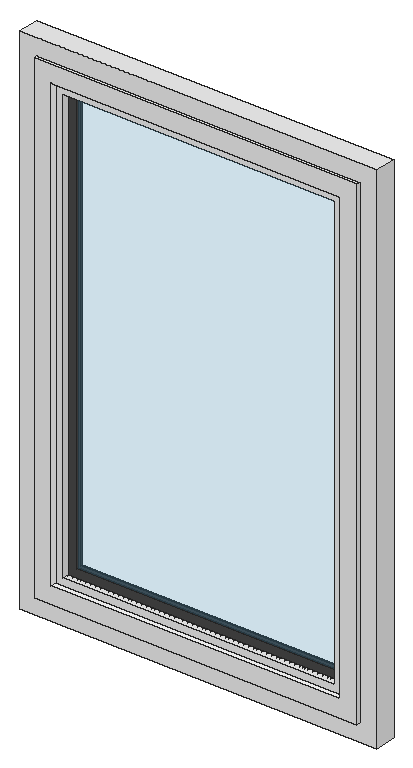
Revit family "94850", category Windows, host Wall, Revit 2018
Family settings
  Host = Wall
  OmniClass Number = 23.30.20.00
  OmniClass Title = Windows
  Always vertical = Yes
  Cut with Voids When Loaded = No
  Shared = No
  Room Calculation Point = No
Parameters (values of type "Tilt Turn Open")
  Width = 36"
  Warranty URL = "http://www.nanawall.com/support/warranty"
  URL = "http://www.nanawall.com"
  Subcategory = "Window"  # constant formula
  Sash = Metal - NanaWall - Aluminum
  Rough Width = Width - 1 25/64"  # 34 39/64"
  Rough Height = Height - 1 25/64"  # 52 39/64"
  Product Page URL = "http://www.nanawall.com/products/sl60/matching-windows"
  Product Documentation Link = "http://www.nanawall.com/cad/configuration/details?id=22&name=SL68&typ=match&cid=455&key=Tilt%20Turn%20Window"
  NanaWall Configurator = "http://www.nanawall.com/content/select-wizard"
  Model = "SL-68 Tilt Turn Window"  # constant formula
  Material = ""
  Manufacturer Toll Free Phone = "(888) 411-NANA(6262)"  # constant formula
  Manufacturer Phone = "(415) 383-3148"  # constant formula
  Manufacturer Fax = "(415) 383-0312"  # constant formula
  Manufacturer Email = "mailto:info@nanawall.com"
  Manufacturer Address = "100 Meadowcreek Drive #250, Corte Madera, CA 94925"  # constant formula
  Manufacturer = "NanaWall Systems, Inc."  # constant formula
  Installation and Service URL = "http://www.nanawall.com/support/installer"
  Height = 54"
  Glazing Options = "http://www.nanawall.com/products/sl48/glazing"
  Glass Material = Glass - NanaWall - Generic
  Filler = Rubber - NanaWall - Black
  Exterior Wall Offset = 3"
  Disclaimer = "Please note that the Revit model is for schematic purposes only.  To obtain a detailed 3D model, please go to the NanaWall's configurator at www.nanawall.com."  # constant formula
  Description = "Monumental Aluminum Framed Matching Windows and Doors"  # constant formula
  Wall Closure = By host
  Default Sill Height = 30"
  Assembly Code = "C1010.2010"
  95 CSI = "8411"  # constant formula
  04 CSI = "08 52 00"  # constant formula
Reference planes (in)
  plane 1 "Center (Front/Back)": y = 0
  plane 2: z = 0
  plane 3 "Center (Left/Right)": x = 0
  plane 4 "Left": x = -18
  plane 5 "Right": x = 18
  plane 6 "Sill": z = 30
  plane 7 "Top": z = 84
  plane 8: y = 1.125
  plane 9: y = 2
  plane 10: x = -15.63346
  plane 11: x = 15.63346
  plane 12: x = -19.88136
  plane 13: x = 19.88136
  plane 14: z = 85.88136
  plane 15: z = 28.11864
Forms (in)
  Sweep 1, solid, material "Metal - NanaWall - Aluminum" <- "Sash"
    path origin (18, 2, 48) x (1, 0, 0) y (0, 0, 1)
      loop
        line (-36, 36) -> (-36, -18) -> (0, -18) -> (0, 36) -> (-36, 36)
    profile "Frame : Frame" origin (0, 2, 84) x (0, 0, 1) y (0, -1, 0)
      loop
        line (1.88136, -1.15625) -> (1.88136, 1.15625) -> (0, 1.15625) -> (0, 1.5482) -> (-1.88136, 1.5482) -> (-2.09315, 1.15625) -> (-2.82203, 1.15625) -> (-2.82203, 0.37235) -> (-2.48128, 0.37235) -> (-2.48128, 0.52913) -> (-2.7554, 0.52913) -> (-2.7554, 1.07786) -> (-2.10333, 1.07786) -> (-2.01933, 0.61781) -> (-2.11654, 0.59176) -> (-2.11654, -0.96028) -> (-2.82203, -0.96028) -> (-2.82203, -1.15625) -> (-1.27383, -1.15625) -> (-1.27383, -0.8035) -> (-1.05826, -0.8035) -> (-1.05826, 0.29396) -> (-0.68591, 0.29396) -> (-0.68591, 1.39142) -> (-0.23517, 1.39142) -> (-0.23517, -0.96028) -> (-0.94068, -0.96028) -> (-0.94068, -1.15625) -> (1.88136, -1.15625)
  Extrusion 2, void
    sketch origin (0, 0, 0) x (1, 0, 0) y (0, 0, 1)
      loop
        line (-19.88136, 85.88136) -> (-19.88136, 28.11864) -> (19.88136, 28.11864) -> (19.88136, 85.88136) -> (-19.88136, 85.88136)
    from -5 to 5
  Sweep 3, solid, material "Rubber - NanaWall - Black" <- "Filler"
    path origin (18, 2, 48) x (1, 0, 0) y (0, 0, 1)
      loop
        line (-36, 36) -> (-36, -18) -> (0, -18) -> (0, 36) -> (-36, 36)
    profile origin (0, 2, 84) x (0, 0, 1) y (0, -1, 0)
      loop
        line (-2.11654, -0.75347) -> (-2.11654, 0.05903) -> (-3.49154, 0.05903) -> (-3.49154, -0.09722) -> (-2.36654, -0.09722) -> (-2.36654, -0.59722) -> (-3.49154, -0.59722) -> (-3.49154, -0.75347) -> (-2.11654, -0.75347)
  Extrusion 4, solid, material "Glass - NanaWall - Generic" <- "Glass Material"
    sketch origin (-18, 0, 0) x (0, -1, 0) y (0, 0, 1)
      loop
        line (-2.59722, 81.63346) -> (-2.59722, 32.36654) -> (-2.09722, 32.36654) -> (-2.09722, 81.63346) -> (-2.59722, 81.63346)
    from -33.63346 to -2.36654
Lines and regions (in)
  Masking region 1
    outline origin (0, 0, 0) x (1, 0, 0) y (0, 1, 0)
      loop
        line (-19.88136, 3.15625) -> (-19.88136, 0.84375) -> (-18, 0.84375) -> (-18, 0.4518) -> (18, 0.4518) -> (18, 0.84375) -> (19.88136, 0.84375) -> (19.88136, 3.15625) -> (-19.88136, 3.15625)
  Masking region 2
    outline origin (0, 0, 0) x (1, 0, 0) y (0, 1, 0)
      loop
        line (-15.88346, 2.75347) -> (-15.88346, 1.94097) -> (15.88346, 1.94097) -> (15.88346, 2.75347) -> (-15.88346, 2.75347)
  Masking region 3, detail levels medium+fine
    outline origin (0, 0, 0) x (1, 0, 0) y (0, 1, 0)
      loop
        line (-15.63346, 2.59722) -> (-15.63346, 2.09722) -> (15.63346, 2.09722) -> (15.63346, 2.59722) -> (-15.63346, 2.59722)
  symbolic lines, detail levels coarse+medium
    curve 1: line (-15.88346, 0.4518, 0) -> (-15.88346, 3.15625, 0)
    curve 2: line (15.88346, 0.4518, 0) -> (15.88346, 3.15625, 0)
  symbolic lines, detail levels fine
    curve 3: line (-15.17797, 0.84375, 0) -> (15.17797, 0.84375, 0)
Text (in)
  text "EXTERIOR" at (-58.6888, 50.90694, 0), in view "Ref. Level"
  text "INTERIOR" at (-58.6888, -37.76638, 0), in view "Ref. Level"
  text "Exterior" at (0, 43.65631, 123.19604), in view "Left"
  text "Exterior" at (0, 18.29385, 125.04747), in view "Right"
Dimensions and locks (in)
  equal spacing: plane 4 "Left", plane 3 "Center (Left/Right)", plane 5 "Right"
  "Width": plane 4 "Left" to plane 5 "Right"
  "Height": plane 6 "Sill" to plane 7 "Top"
  "Default Sill Height": plane 2 to plane 6 "Sill"
  locked: plane 8 to plane 9 at 0.875
  "Exterior Wall Offset": plane 9 to host wall
  Sweep 3 sketch curve to Sweep 3 sketch curve to Sweep 3 sketch curve to Sweep 3 sketch curve to plane 7 "Top" = 0" locked, 1 1/8" locked, 1/4" locked, 2.11654" locked
  Sweep 3 sketch curve to Sweep 3 sketch curve to Sweep 3 sketch curve to nested 3 to Sweep 3 sketch curve = 5/32" locked, 1/2" locked, 0.09722" locked, 0.05903" locked
  locked: plane 6 "Sill" to Extrusion 4 sketch curve at 2.36654
  locked: Extrusion 4 sketch curve to plane 7 "Top" at 2.36654
  Extrusion 4 sketch curve to Extrusion 4 sketch curve to plane 9 = 1/2" locked, 0.09722" locked
  locked: plane 11 to plane 5 "Right" at 2.36654
  locked: plane 4 "Left" to plane 10 at 2.36654
  locked: plane 11 to Masking region 2 sketch curve at 0.25
  locked: Masking region 2 sketch curve to plane 10 at 0.25
  Masking region 2 sketch curve to plane 9 to Masking region 2 sketch curve = 0.05903" locked, 0.75347" locked
  plane 9 to Masking region 3 sketch curve to Masking region 3 sketch curve = 0.09722" locked, 1/2" locked
  locked: plane 5 "Right" to Masking region 1 sketch curve at 1.88136
  Masking region 1 sketch curve to Masking region 1 sketch curve to plane 9 to Masking region 1 sketch curve = 0.39195" locked, 1 5/32" locked, 1 5/32" locked
  locked: Masking region 1 sketch curve to plane 9 at 1.15625
  locked: Masking region 1 sketch curve to plane 4 "Left" at 1.88136
  locked: plane 12 to plane 4 "Left" at 1.88136
  locked: plane 5 "Right" to plane 13 at 1.88136
  locked: plane 7 "Top" to plane 14 at 1.88136
  locked: plane 15 to plane 6 "Sill" at 1.88136
  aligned and locked: level to plane 2
  aligned and locked: plane 7 "Top" to Sweep 1 sketch curve
  aligned and locked: plane 5 "Right" to Sweep 1 sketch curve
  aligned and locked: Sweep 1 sketch curve to plane 4 "Left"
  aligned and locked: Sweep 1 sketch curve to plane 6 "Sill"
  aligned and locked: host wall to Extrusion 2  (x2)
  aligned and locked: plane 7 "Top" to Sweep 3 sketch curve
  aligned and locked: Sweep 3 sketch curve to plane 4 "Left"
  aligned and locked: plane 10 to Extrusion 4
  aligned and locked: plane 11 to Extrusion 4
  aligned and locked: plane 7 "Top" to nested 3
  aligned and locked: nested 2 to plane 9
  aligned and locked: plane 4 "Left" to nested 2
  aligned and locked: plane 5 "Right" to nested 1
  aligned and locked: plane 9 to nested 1
  aligned and locked: plane 9 to nested 3
  aligned and locked: nested 4 to plane 9
  aligned and locked: plane 6 "Sill" to nested 4
  aligned and locked: Sweep 3 to plane 10
  aligned and locked: Sweep 3 to plane 11
  aligned and locked: Masking region 1 sketch curve to plane 5 "Right"
  aligned and locked: plane 4 "Left" to Masking region 1 sketch curve
  aligned and locked: Masking region 3 sketch curve to Sweep 3  (x2)
  aligned and locked: Sweep 1 to curve 1
  aligned and locked: Sweep 1 to curve 2
  aligned and locked: plane 5 "Right" to Sweep 3 sketch curve
  aligned and locked: Sweep 3 sketch curve to plane 6 "Sill"
  aligned and locked: plane 14 to Extrusion 2 sketch curve
  aligned and locked: plane 12 to Extrusion 2 sketch curve
  aligned and locked: Extrusion 2 sketch curve to plane 15
  aligned and locked: Extrusion 2 sketch curve to plane 13
Automatic sketch dimensions
  plane 10 to curve 1 = 1/4"
  curve 3 to plane 10 = 0.45549"
  curve 3 to plane 11 = 0.45549"
  plane 11 to curve 2 = 1/4"
  plane 8 to curve 3 = 9/32"
  curve 2 to plane 9 = 1 5/32"
  curve 1 to plane 9 = 1 5/32"
Nested families (in)
  nested 1: "SL 68 Tilt Turn Detail" at (18, 2, 0) x (0, -1, 0) z (0, 0, 1), type "SL 68 Tilt Turn Detail", detail levels fine
  nested 2: "SL 68 Tilt Turn Detail" at (-18, 2, 0) x (0, -1, 0) z (0, 0, 1), type "SL 68 Tilt Turn Detail", detail levels fine
  nested 3: "SL 68 Tilt Turn Detail" at (-18, 2, 84) x (0, -1, 0) z (-1, 0, 0), type "SL 68 Tilt Turn Detail", detail levels fine
  nested 4: "SL 68 Tilt Turn Detail" at (-18, 2, 30) x (0, -1, 0) z (-1, 0, 0), type "SL 68 Tilt Turn Detail", detail levels fine
Definition of nested family "SL 68 Tilt Turn Detail"
  Reference planes (in)
    plane 1 "Center (Front/Back)": y = 0
    plane 2: z = 0
    plane 3 "Center (Left/Right)": x = 0
  Lines and regions (in)
    detail lines, in view "Ref. Level"
      curve 1: line (-1.15625, 1.88136, 0) -> (-1.01522, 1.88136, 0)
      curve 2: line (-0.99947, 1.82256, 0) -> (-1.07786, 1.82256, 0)
      curve 3: line (-1.01522, 1.88136, 0) -> (-0.99947, 1.82256, 0)
      curve 4: line (-1.07786, 1.82256, 0) -> (-1.07786, 1.68538, 0)
      curve 5: line (-1.07786, 1.68538, 0) -> (-0.52913, 1.68538, 0)
      curve 6: line (-0.52913, 1.68538, 0) -> (-0.52913, 1.82256, 0)
      curve 7: line (-0.52913, 1.82256, 0) -> (-0.60752, 1.82256, 0)
      curve 8: line (-0.60752, 1.82256, 0) -> (-0.59177, 1.88136, 0)
      curve 9: line (-0.59177, 1.88136, 0) -> (-0.48994, 1.88136, 0)
      curve 10: arc (-0.48994, 1.88136, 0) -> (-0.47241, 1.87052, 0) -> (-0.47426, 1.85, 0) r 0.0196
      curve 11: line (-0.47426, 1.85, 0) -> (0.47426, 1.85, 0)
      curve 12: arc (0.47034, 1.86176, 0) -> (0.47608, 1.87562, 0) -> (0.48994, 1.88136, 0) r 0.0196
      curve 13: arc (0.47426, 1.85, 0) -> (0.47241, 1.87052, 0) -> (0.48994, 1.88136, 0) r 0.0196
      curve 14: line (0.48994, 1.88136, 0) -> (0.59177, 1.88136, 0)
      curve 15: line (0.59177, 1.88136, 0) -> (0.60752, 1.82256, 0)
      curve 16: line (0.60752, 1.82256, 0) -> (0.52913, 1.82256, 0)
      curve 17: line (0.52913, 1.82256, 0) -> (0.52913, 1.68538, 0)
      curve 18: line (0.52913, 1.68538, 0) -> (1.07786, 1.68538, 0)
      curve 19: line (1.07786, 1.68538, 0) -> (1.07786, 1.82256, 0)
      curve 20: line (1.07786, 1.82256, 0) -> (0.99947, 1.82256, 0)
      curve 21: line (0.99947, 1.82256, 0) -> (1.01522, 1.88136, 0)
      curve 22: line (1.01522, 1.88136, 0) -> (1.15625, 1.88136, 0)
      curve 23: line (1.15625, 1.88136, 0) -> (1.15625, -0.23517, 0)
      curve 24: line (1.15625, -0.23517, 0) -> (1.01522, -0.23517, 0)
      curve 25: line (1.01522, -0.23517, 0) -> (0.99947, -0.17638, 0)
      curve 26: line (0.99947, -0.17638, 0) -> (1.07786, -0.17638, 0)
      curve 27: line (1.07786, -0.17638, 0) -> (1.07786, -0.03919, 0)
      curve 28: line (1.07786, -0.03919, 0) -> (0.52913, -0.03919, 0)
      curve 29: line (0.52913, -0.03919, 0) -> (0.52913, -0.17638, 0)
      curve 30: line (0.52913, -0.17638, 0) -> (0.60752, -0.17638, 0)
      curve 31: line (0.60752, -0.17638, 0) -> (0.59177, -0.23517, 0)
      curve 32: line (0.59177, -0.23517, 0) -> (0.29396, -0.23517, 0)
      curve 33: line (0.29396, -0.23517, 0) -> (0.29396, -0.03919, 0)
      curve 34: line (0.29396, -0.03919, 0) -> (0.0294, -0.03919, 0)
      curve 35: line (0.0294, -0.03919, 0) -> (0.0294, -0.23811, 0)
      curve 36: line (0.0294, -0.23811, 0) -> (-0.08819, -0.23811, 0)
      curve 37: line (-0.08819, -0.23811, 0) -> (-0.08819, -0.17932, 0)
      curve 38: line (-0.08819, -0.17932, 0) -> (-0.0294, -0.17932, 0)
      curve 39: line (-0.0294, -0.17932, 0) -> (-0.0294, -0.04213, 0)
      curve 40: line (-0.0294, -0.04213, 0) -> (-0.32336, -0.04213, 0)
      curve 41: line (-0.32336, -0.04213, 0) -> (-0.32336, -0.17932, 0)
      curve 42: line (-0.32336, -0.17932, 0) -> (-0.26457, -0.17932, 0)
      curve 43: line (-0.26457, -0.17932, 0) -> (-0.26457, -0.23811, 0)
      curve 44: line (-0.26457, -0.23811, 0) -> (-0.38215, -0.23811, 0)
      curve 45: line (-0.38215, -0.23811, 0) -> (-0.38215, -0.03919, 0)
      curve 46: line (-0.38215, -0.03919, 0) -> (-0.72511, -0.03919, 0)
      curve 47: line (-0.72511, -0.03919, 0) -> (-0.72511, 0.19989, 0)
      curve 48: line (-0.72511, 0.19989, 0) -> (-1.07786, 0.19989, 0)
      curve 49: line (-1.07786, 0.19989, 0) -> (-1.07786, -0.15678, 0)
      curve 50: line (-1.07786, -0.15678, 0) -> (-0.97987, -0.17638, 0)
      curve 51: line (-0.97987, -0.17638, 0) -> (-0.86229, -0.17638, 0)
      curve 52: line (-0.86229, -0.17638, 0) -> (-0.86229, -0.23517, 0)
      curve 53: line (-1.07786, -0.23517, 0) -> (-1.07786, -0.58008, 0)
      curve 54: line (-0.86229, -0.23517, 0) -> (-1.07786, -0.23517, 0)
      curve 55: line (-1.15625, -0.94068, 0) -> (-1.15625, 1.88136, 0)
      curve 56: line (-1.07786, -0.58008, 0) -> (-0.99163, -0.58008, 0)
      curve 57: line (-0.99163, -0.58008, 0) -> (-0.99163, -0.50169, 0)
      curve 58: line (-0.99163, -0.50169, 0) -> (-0.96028, -0.50169, 0)
      curve 59: line (-0.96028, -0.50169, 0) -> (-0.96028, -0.68591, 0)
      curve 60: line (-0.99947, -0.68591, 0) -> (-0.99947, -0.63888, 0)
      curve 61: line (-0.96028, -0.68591, 0) -> (-0.99947, -0.68591, 0)
      curve 62: line (-0.99947, -0.63888, 0) -> (-1.07786, -0.63888, 0)
      curve 63: line (-1.07786, -0.63888, 0) -> (-1.07786, -0.88972, 0)
      curve 64: line (-1.07786, -0.88972, 0) -> (-0.99947, -0.88972, 0)
      curve 65: line (-0.99947, -0.88972, 0) -> (-0.99947, -0.84269, 0)
      curve 66: line (-0.99947, -0.84269, 0) -> (-0.96028, -0.84269, 0)
      curve 67: line (-0.96028, -0.84269, 0) -> (-0.96028, -0.94068, 0)
      curve 68: line (-0.96028, -0.94068, 0) -> (-1.15625, -0.94068, 0)
      curve 69: line (-0.72511, 0.27044, 0) -> (-0.72511, 1.14953, 0)
      curve 70: line (-0.72511, 1.14953, 0) -> (-0.54873, 1.3259, 0)
      curve 71: line (-0.54873, 1.3259, 0) -> (-0.54873, 1.61483, 0)
      curve 72: line (-1.07786, 1.61483, 0) -> (-1.07786, 0.27044, 0)
      curve 73: line (-0.54873, 1.61483, 0) -> (-1.07786, 1.61483, 0)
      curve 74: line (-1.07786, 0.27044, 0) -> (-0.72511, 0.27044, 0)
      curve 75: line (1.07786, 1.61483, 0) -> (0.54873, 1.61483, 0)
      curve 76: line (0.54873, 1.61483, 0) -> (0.54873, 0.99836, 0)
      curve 77: line (0.54873, 0.99836, 0) -> (0.58008, 0.99836, 0)
      curve 78: line (0.58008, 0.99836, 0) -> (0.58008, 0.90037, 0)
      curve 79: line (0.58008, 0.90037, 0) -> (0.37235, 0.69264, 0)
      curve 80: line (0.37235, 0.69264, 0) -> (0.37235, -0.16462, 0)
      curve 81: line (0.45858, 0.03136, 0) -> (1.07786, 0.03136, 0)
      curve 82: line (0.45858, -0.16462, 0) -> (0.45858, 0.03136, 0)
      curve 83: line (0.37235, -0.16462, 0) -> (0.45858, -0.16462, 0)
      curve 84: line (1.07786, 0.03136, 0) -> (1.07786, 1.61483, 0)
      curve 85: line (0.47034, 0.90148, 0) -> (0.47034, 1.49898, 0)
      curve 86: line (0.47034, 1.49898, 0) -> (0.35393, 1.56619, 0)
      curve 87: line (0.35393, 1.56619, 0) -> (0.22911, 1.78239, 0)
      curve 88: line (0.22911, 1.78239, 0) -> (-0.22911, 1.78239, 0)
      curve 89: line (-0.22911, 1.78239, 0) -> (-0.35393, 1.56619, 0)
      curve 90: line (-0.35393, 1.56619, 0) -> (-0.47034, 1.49898, 0)
      curve 91: line (-0.47034, 1.49898, 0) -> (-0.47034, 1.29343, 0)
      curve 92: line (-0.47034, 1.29343, 0) -> (-0.64672, 1.11706, 0)
      curve 93: line (-0.64672, 1.11706, 0) -> (-0.64672, 0.31183, 0)
      curve 94: line (-0.64672, 0.31183, 0) -> (-0.53031, 0.24462, 0)
      curve 95: line (-0.53031, 0.24462, 0) -> (-0.40548, 0.02842, 0)
      curve 96: line (-0.40548, 0.02842, 0) -> (-0.23125, 0.02842, 0)
      curve 97: line (-0.1215, 0.02842, 0) -> (0.05273, 0.02842, 0)
      curve 98: line (0.05273, 0.02842, 0) -> (0.17755, 0.24462, 0)
      curve 99: line (0.17755, 0.24462, 0) -> (0.29396, 0.31183, 0)
      curve 100: line (0.29396, 0.31183, 0) -> (0.29396, 0.72511, 0)
      curve 101: line (0.29396, 0.72511, 0) -> (0.47034, 0.90148, 0)
      curve 102: line (-0.1215, 0.1264, 0) -> (-0.1215, 0.02842, 0)
      curve 103: line (-0.23125, 0.02842, 0) -> (-0.23125, 0.1264, 0)
      curve 104: line (-0.23125, 0.1264, 0) -> (-0.1215, 0.1264, 0)
      curve 105: line (1.5482, 0, 0) -> (1.39142, 0, 0)
      curve 106: line (1.39142, 0, 0) -> (1.39142, -0.08623, 0)
      curve 107: line (1.39142, -0.08623, 0) -> (1.43061, -0.08623, 0)
      curve 108: line (1.43061, -0.08623, 0) -> (1.43061, -0.04703, 0)
      curve 109: line (1.43061, -0.04703, 0) -> (1.48941, -0.04703, 0)
      curve 110: line (1.48941, -0.04703, 0) -> (1.48941, -0.25477, 0)
      curve 111: line (1.5482, -1.88136, 0) -> (1.5482, 0, 0)
      curve 112: line (1.39142, -0.29396, 0) -> (1.47765, -0.29396, 0)
      curve 113: line (1.48941, -0.25477, 0) -> (1.43061, -0.25477, 0)
      curve 114: line (1.43061, -0.25477, 0) -> (1.43061, -0.20773, 0)
      curve 115: line (1.43061, -0.20773, 0) -> (1.39142, -0.20773, 0)
      curve 116: line (1.39142, -0.20773, 0) -> (1.39142, -0.29396, 0)
      curve 117: line (1.47765, -0.29396, 0) -> (1.47765, -0.86229, 0)
      curve 118: line (1.47765, -0.86229, 0) -> (1.2268, -0.86229, 0)
      curve 119: line (1.2268, -0.86229, 0) -> (1.2268, -0.68591, 0)
      curve 120: line (1.2268, -0.68591, 0) -> (1.05826, -0.68591, 0)
      curve 121: line (1.05826, -0.68591, 0) -> (1.05826, -0.7447, 0)
      curve 122: line (1.05826, -0.7447, 0) -> (1.15625, -0.7447, 0)
      curve 123: line (1.15625, -0.7447, 0) -> (1.15625, -0.86229, 0)
      curve 124: line (1.15625, -0.86229, 0) -> (0.37235, -0.86229, 0)
      curve 125: line (0.37235, -0.86229, 0) -> (0.37235, -0.7447, 0)
      curve 126: line (0.37235, -0.7447, 0) -> (0.47034, -0.7447, 0)
      curve 127: line (0.47034, -0.7447, 0) -> (0.47034, -0.68591, 0)
      curve 128: line (0.47034, -0.68591, 0) -> (0.29396, -0.68591, 0)
      curve 129: line (0.29396, -1.05826, 0) -> (0.29396, -0.68591, 0)
      curve 130: line (-0.341, -1.05826, 0) -> (0.29396, -1.05826, 0)
      curve 131: line (-0.341, -1.05826, 0) -> (-0.341, -0.78488, 0)
      curve 132: arc (-0.341, -0.78488, 0) -> (-0.37627, -0.7496, 0) -> (-0.41155, -0.78488, 0) r 0.03528
      curve 133: line (-0.41155, -0.78488, 0) -> (-0.41155, -1.05826, 0)
      curve 134: line (0.05273, -1.13371, 0) -> (0.17076, -1.33816, 0)
      curve 135: line (-0.46124, -1.13371, 0) -> (0.05273, -1.13371, 0)
      curve 136: line (0.29396, -1.40928, 0) -> (0.17076, -1.33816, 0)
      curve 137: line (0.29396, -1.6697, 0) -> (0.29396, -1.40928, 0)
      curve 138: line (0.45074, -1.6697, 0) -> (0.29396, -1.6697, 0)
      curve 139: line (0.45074, -1.7655, 0) -> (0.45074, -1.6697, 0)
      curve 140: line (0.33433, -1.83271, 0) -> (0.45074, -1.7655, 0)
      curve 141: line (0.20951, -2.04891, 0) -> (0.33433, -1.83271, 0)
      curve 142: line (-0.32709, -2.04891, 0) -> (0.20951, -2.04891, 0)
      curve 143: line (-0.45192, -1.83271, 0) -> (-0.32709, -2.04891, 0)
      curve 144: line (-0.45192, -1.83271, 0) -> (-0.56833, -1.7655, 0)
      curve 145: line (-0.56833, -1.7655, 0) -> (-0.56833, -1.64619, 0)
      curve 146: line (-0.56833, -1.64619, 0) -> (-0.72511, -1.64619, 0)
      curve 147: line (-0.72511, -1.64619, 0) -> (-0.72511, -1.40928, 0)
      curve 148: line (-0.72511, -1.40928, 0) -> (-0.62712, -1.35271, 0)
      curve 149: line (-0.8035, -1.05826, 0) -> (-0.8035, -1.39534, 0)
      curve 150: line (-0.8035, -1.39534, 0) -> (-1.11706, -1.39534, 0)
      curve 151: line (-1.11706, -1.39534, 0) -> (-1.11706, -1.27383, 0)
      curve 152: line (-1.11706, -1.27383, 0) -> (-1.15625, -1.27383, 0)
      curve 153: line (-1.15625, -1.27383, 0) -> (-1.15625, -2.82203, 0)
      curve 154: line (-1.15625, -2.82203, 0) -> (-0.96028, -2.82203, 0)
      curve 155: line (-0.96028, -2.82203, 0) -> (-0.96028, -2.72405, 0)
      curve 156: line (-0.96028, -2.72405, 0) -> (-0.99947, -2.72405, 0)
      curve 157: line (-0.99947, -2.72405, 0) -> (-0.99947, -2.77108, 0)
      curve 158: line (-0.99947, -2.77108, 0) -> (-1.07786, -2.77108, 0)
      curve 159: line (-1.07786, -2.77108, 0) -> (-1.07786, -2.52023, 0)
      curve 160: line (-1.07786, -2.52023, 0) -> (-0.99947, -2.52023, 0)
      curve 161: line (-0.99947, -2.52023, 0) -> (-0.99947, -2.56727, 0)
      curve 162: line (-0.99947, -2.56727, 0) -> (-0.96028, -2.56727, 0)
      curve 163: line (-0.96028, -2.56727, 0) -> (-0.96028, -2.38305, 0)
      curve 164: line (-0.96028, -2.38305, 0) -> (-0.99163, -2.38305, 0)
      curve 165: line (-0.99163, -2.38305, 0) -> (-0.99163, -2.46144, 0)
      curve 166: line (-0.99163, -2.46144, 0) -> (-1.07786, -2.46144, 0)
      curve 167: line (-1.07786, -2.46144, 0) -> (-1.07786, -2.11653, 0)
      curve 168: line (-1.07786, -2.11653, 0) -> (-0.86229, -2.11653, 0)
      curve 169: line (-0.86229, -2.11653, 0) -> (-0.86229, -2.05773, 0)
      curve 170: line (-0.86229, -2.05773, 0) -> (-0.97987, -2.05773, 0)
      curve 171: line (-0.97987, -2.05773, 0) -> (-1.07786, -2.03814, 0)
      curve 172: line (-1.07786, -2.03814, 0) -> (-1.07786, -1.94015, 0)
      curve 173: line (-1.07786, -1.94015, 0) -> (-0.77487, -1.94015, 0)
      curve 174: line (-0.64672, -1.94015, 0) -> (-0.64672, -2.11654, 0)
      curve 175: line (-0.64672, -1.8696, 0) -> (-1.07786, -1.8696, 0)
      curve 176: line (-0.64672, -1.72458, 0) -> (-0.64672, -1.8696, 0)
      curve 177: line (-0.8035, -1.72458, 0) -> (-0.64672, -1.72458, 0)
      curve 178: line (-0.8035, -1.46589, 0) -> (-0.8035, -1.72458, 0)
      curve 179: line (-1.07786, -1.46589, 0) -> (-0.8035, -1.46589, 0)
      curve 180: line (-1.07786, -1.8696, 0) -> (-1.07786, -1.46589, 0)
      curve 181: line (-1.07786, -1.94015, 0) -> (-0.64672, -1.94015, 0)
      curve 182: line (0.59176, -2.11654, 0) -> (-0.64672, -2.11654, 0)
      curve 183: line (1.14841, -1.85, 0) -> (0.52913, -1.85, 0)
      curve 184: line (0.52913, -1.85, 0) -> (0.52913, -1.59131, 0)
      curve 185: line (0.52913, -1.59131, 0) -> (0.37235, -1.59131, 0)
      curve 186: line (0.37235, -1.59131, 0) -> (0.37235, -0.93284, 0)
      curve 187: line (0.37235, -0.93284, 0) -> (1.46981, -0.93284, 0)
      curve 188: line (1.46981, -0.93284, 0) -> (1.46981, -1.49333, 0)
      curve 189: line (1.42669, -1.49333, 0) -> (1.42669, -1.59131, 0)
      curve 190: line (1.46981, -1.49333, 0) -> (1.42669, -1.49333, 0)
      curve 191: line (1.42669, -1.59131, 0) -> (1.30911, -1.59131, 0)
      curve 192: line (1.3679, -1.65011, 0) -> (1.46981, -1.65011, 0)
      curve 193: line (1.46981, -1.65011, 0) -> (1.46981, -1.83461, 0)
      curve 194: line (1.46981, -1.83461, 0) -> (1.14841, -2.00829, 0)
      curve 195: line (1.14841, -2.00829, 0) -> (1.14841, -1.85, 0)
      curve 196: line (1.07786, -1.92055, 0) -> (1.07786, -2.04755, 0)
      curve 197: line (0.52913, -1.92055, 0) -> (1.07786, -1.92055, 0)
      curve 198: line (0.52913, -1.92055, 0) -> (0.52913, -2.05391, 0)
      curve 199: line (0.59176, -2.11654, 0) -> (0.61781, -2.01933, 0)
      curve 200: line (1.15625, -2.09315, 0) -> (1.5482, -1.88136, 0)
      curve 201: line (1.15625, -2.09315, 0) -> (1.15625, -2.82203, 0)
      curve 202: line (1.15625, -2.82203, 0) -> (0.37235, -2.82203, 0)
      curve 203: line (0.37235, -2.82203, 0) -> (0.37235, -2.72405, 0)
      curve 204: line (0.41155, -2.72405, 0) -> (0.37235, -2.72405, 0)
      curve 205: line (0.41155, -2.72405, 0) -> (0.41155, -2.76324, 0)
      curve 206: line (0.41155, -2.76324, 0) -> (0.48994, -2.76324, 0)
      curve 207: line (0.48994, -2.76324, 0) -> (0.48994, -2.52807, 0)
      curve 208: line (0.48994, -2.52807, 0) -> (0.41155, -2.52807, 0)
      curve 209: line (0.41155, -2.52807, 0) -> (0.41155, -2.56727, 0)
      curve 210: line (0.41155, -2.56727, 0) -> (0.37235, -2.56727, 0)
      curve 211: line (0.37235, -2.56727, 0) -> (0.37235, -2.48128, 0)
      curve 212: line (0.37235, -2.48128, 0) -> (0.52913, -2.48128, 0)
      curve 213: line (0.52913, -2.48128, 0) -> (0.52913, -2.7554, 0)
      curve 214: line (0.52913, -2.7554, 0) -> (1.07786, -2.7554, 0)
      curve 215: line (1.07786, -2.7554, 0) -> (1.07786, -2.20667, 0)
      curve 216: line (0.61781, -2.01933, 0) -> (0.90194, -2.07121, 0)
      curve 217: line (1.07786, -2.04755, 0) -> (0.55635, -1.95232, 0)
      curve 218: arc (0.90194, -2.07121, 0) -> (0.90173, -2.16148, 0) -> (0.97987, -2.20667, 0) r 0.09015
      curve 219: line (-0.46124, -1.13371, 0) -> (-0.62712, -1.35271, 0)
      curve 220: line (0.97987, -2.20667, 0) -> (1.07786, -2.20667, 0)
      curve 221: line (0.52913, -2.05391, 0) -> (0.55635, -1.95232, 0)
      curve 222: line (-0.41155, -1.05826, 0) -> (-0.8035, -1.05826, 0)
      curve 223: line (1.3679, -1.65011, 0) -> (1.30911, -1.59131, 0)
